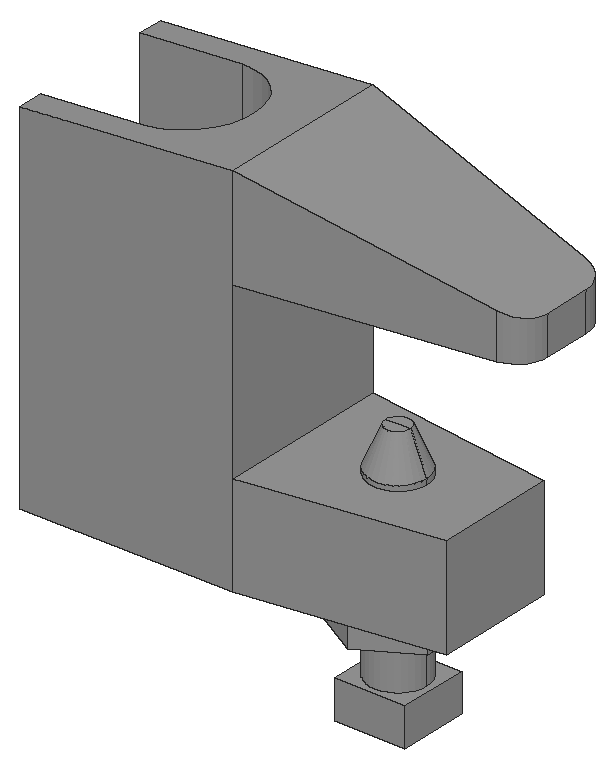
Revit family "beam clamp-c 7203-1-2", category Pipe Accessories, Revit 2018
Family settings
  Round Connector Dimension = Use Diameter
  Part Type = Normal
  Work Plane-Based = No
  Always vertical = Yes
  Cut with Voids When Loaded = No
  Shared = No
Parameters (values of type "FNW7203ZD -Zinc 1/2-13")
  Weight [instance] = "6.81oz"  # constant formula
  URL = "http://www.fnw.com"
  SSR = 0.125"  # constant formula
  SQH = 0.153"  # constant formula
  RD = 0.500"  # constant formula
  Product ID [instance] = ""
  Part Number [instance] = "FNW7203ZD"
  Material = Zinc
  F = 0.970"  # constant formula
  E = 0.440"  # constant formula
  Description BOM [instance] = "Jr. Beam Clamp Zinc 1/2-13"
  D = 0.750"  # constant formula
  C Half [instance] = C / 2  # 0.815"
  C = 1.630"  # constant formula
  B = 1.200"  # constant formula
  A = 2.060"  # constant formula
Types (2): name | Part Number | Material | Description BOM
  FNW7203PD -Plain 1/2-13 | "FNW7203PD" | Steel, Galvanized | "Jr. Beam Clamp Plain 1/2-13"
  FNW7203ZD -Zinc 1/2-13 | "FNW7203ZD" | Zinc | "Jr. Beam Clamp Zinc 1/2-13"
Reference planes (in)
  plane 1 "Center (Front/Back)": y = 0
  plane 2: z = 0
  plane 3 "Center (Left/Right)": x = 0
  plane 4: x = -0.97
  plane 5: x = 0.5425
  plane 6: z = 1.63
  plane 7: x = -1.33
  plane 8: x = -0.41125
  plane 9: z = 1.19
  plane 10: z = 0.44
  plane 11: z = 0.815
  plane 12: x = 0.73
  plane 13: y = 0.22
  plane 14: y = -0.22
  plane 15: y = 0.3798
  plane 16: y = -0.3798
Forms (in)
  Extrusion 1, solid, material "Zinc" <- "Material"
    sketch origin (0, 0, 0) x (1, 0, 0) y (0, 0, 1)
      loop
        line (-1.33, 1.63) -> (-1.33, 0) -> (0.42037, 0) -> (0.42037, 0.44) -> (-0.41125, 0.44) -> (-0.41125, 1.19) -> (0.73, 1.19) -> (0.73, 1.63) -> (-1.33, 1.63)
    from -0.3798 to 0.3798
  Extrusion 2, void
    sketch origin (0, 0, 0) x (1, 0, 0) y (0, 1, 0)
      loop
        line (0.73, 0.10257) -> (0.73, -0.10257)
        arc (0.73, -0.10257) -> (0.69686, -0.19118) -> (0.61371, -0.23628) r 0.13502
        line (0.61371, -0.23628) -> (-0.41125, -0.3798) -> (-0.41125, -0.6298) -> (0.85888, -0.6298) -> (0.85888, 0) -> (0.85888, 0.6298) -> (-0.41125, 0.6298) -> (-0.41125, 0.3798) -> (0.61371, 0.23628)
        arc (0.61371, 0.23628) -> (0.69686, 0.19118) -> (0.73, 0.10257) r 0.13502
    from 0 to 1.63
  Extrusion 3, void
    sketch origin (0, 0, 0) x (1, 0, 0) y (0, 1, 0)
      loop
        circle (-0.97, 0) r 0.25
    from 0 to 1.52432
  Extrusion 4, void
    sketch origin (0, 0, 0) x (1, 0, 0) y (0, 0, 1)
      loop
        line (0.78, 1.34567) -> (0.78, 1.8427) -> (-1.44803, 1.8427) -> (-1.44803, 1.54774) -> (-0.40659, 1.63) -> (0.78, 1.34567)
    from -0.3798 to 0.3798
  Extrusion 5, void
    sketch origin (0, 0, 0) x (1, 0, 0) y (0, 1, 0)
      loop
        line (-1.53107, 0.26687) -> (-1.53107, -0.26688) -> (-0.88733, -0.26688)
        arc (-0.88733, -0.26688) -> (-0.62045, 0) -> (-0.88733, 0.26687) r 0.26687
        line (-0.88733, 0.26687) -> (-1.53107, 0.26687)
    from 0.38716 to 1.81117
  Revolve 6, solid, material "Zinc" <- "Material"
    sketch origin (0, 0, 0) x (1, 0, 0) y (0, 0, 1)
      loop
        line (0, 0.6275) -> (-0.05343, 0.6275) -> (-0.125, 0.46075) -> (-0.125, -0.34209) -> (0, -0.34209) -> (0, 0.6275)
      axis (0, 0.6275) -> (0, -0.34209)
    angle from 0 to 360
  Extrusion 7, solid, material "Zinc" <- "Material"
    sketch origin (0, 0, 0) x (1, 0, 0) y (0, 1, 0)
      loop
        line (0.23551, 0.13597) -> (0, 0.27194) -> (-0.23551, 0.13597) -> (-0.23551, -0.13597) -> (0, -0.27194) -> (0.23551, -0.13597) -> (0.23551, 0.13597)
    from -0.12069 to 0
  Extrusion 8, solid, material "Zinc" <- "Material"
    sketch origin (0, 0, 0) x (1, 0, 0) y (0, 1, 0)
      loop
        line (-0.153, 0.153) -> (-0.153, -0.153) -> (0.153, -0.153) -> (0.153, 0.153) -> (-0.153, 0.153)
    from -0.50563 to -0.34209
Cuts and joins
  Extrusion 2, Extrusion 3, Extrusion 4, Extrusion 5 cuts Extrusion 1
Lines and regions (in)
  reference lines
    curve 1: line (-0.97, 0, 1.63) -> (-0.97, 0, 0)
    curve 2: line (-1.33, 0, 0) -> (0.5425, 0, 0)
Dimensions and locks (in)
  "F": plane 3 "Center (Left/Right)" to plane 4
  "C": plane 6 to plane 2
  plane 4 to plane 7 = 0.360"
  "D": plane 9 to plane 10
  "C Half": plane 11 to plane 2
  equal spacing: plane 9, plane 11, plane 10
  equal spacing: plane 14, plane 1 "Center (Front/Back)", plane 13
  "E": plane 14 to plane 13
  "SSR": plane 3 "Center (Left/Right)" to Revolve 6 sketch curve
  "SQH": plane 1 "Center (Front/Back)" to Extrusion 8 sketch curve  (x2)
  "SQH": plane 3 "Center (Left/Right)" to Extrusion 8 sketch curve
  "SQH": Extrusion 8 sketch curve to plane 3 "Center (Left/Right)"
  "A": plane 7 to plane 12
  "RD": diameter of Extrusion 3 sketch curve
  aligned and locked: plane 2 to level
  aligned and locked: plane 6 to Extrusion 1 sketch curve
  aligned and locked: Extrusion 1 sketch curve to plane 7
  aligned and locked: Extrusion 1 to plane 16
  aligned and locked: Extrusion 1 to plane 15
Automatic sketch dimensions
  plane 1 "Center (Front/Back)" to Extrusion 5 sketch curve = 0.000"
  Extrusion 5 sketch curve to plane 13 = 0.04687"
  plane 7 to Extrusion 5 sketch curve = 0.20107"
  plane 4 to Extrusion 5 sketch curve = 0.08267"
  curve 1 to level = 0.000"
  curve 1 to plane 4 = 0.000"
  curve 1 to plane 6 = 0.000"
  plane 1 "Center (Front/Back)" to curve 2 = 0.000"
  curve 2 to plane 7 = 0.000"
  curve 2 to plane 5 = 0.000"
  Extrusion 4 sketch curve to plane 6 = 0.000"
  plane 7 to Extrusion 4 sketch curve = 0.11803"
  Extrusion 4 sketch curve to plane 8 = 0.00466"
  Extrusion 4 sketch curve to plane 5 = 0.2375"
  plane 6 to Extrusion 4 sketch curve = 0.08226"
  Extrusion 4 sketch curve to plane 6 = 0.2127"
  plane 9 to Extrusion 4 sketch curve = 0.15567"
  plane 1 "Center (Front/Back)" to Extrusion 3 sketch curve = 0.000"
  Extrusion 3 sketch curve to plane 4 = 0.000"
  Revolve 6 sketch curve to plane 3 "Center (Left/Right)" = 0.000"  (x2)
  Revolve 6 sketch curve to Revolve 6 sketch curve = 0.05343"
  Revolve 6 sketch curve to level = 0.34209"
  plane 10 to Revolve 6 sketch curve = 0.02075"
  Revolve 6 sketch curve to Revolve 6 sketch curve = 0.16675"
  Revolve 6 sketch curve to Revolve 6 sketch curve = 1.02075"
  Revolve 6 sketch curve to Revolve 6 sketch curve = 0.0625"
  Extrusion 2 sketch curve to plane 8 = 0.000"  (x2)
  plane 1 "Center (Front/Back)" to Extrusion 2 sketch curve = 0.000"
  plane 16 to Extrusion 2 sketch curve = 0.000"
  plane 15 to Extrusion 2 sketch curve = 0.000"
  Extrusion 2 sketch curve to plane 5 = 0.05248"  (x2)
  Extrusion 2 sketch curve to plane 13 = 0.01628"
  Extrusion 2 sketch curve to plane 5 = 0.07121"
  plane 12 to Extrusion 2 sketch curve = 0.12888"
  Extrusion 2 sketch curve to plane 16 = 0.250"
  Extrusion 2 sketch curve to plane 15 = 0.250"
  Extrusion 2 sketch curve to plane 14 = 0.01628"
  Extrusion 2 sketch curve to plane 12 = 0.000"
  plane 1 "Center (Front/Back)" to Extrusion 2 sketch curve = 0.10257"
  plane 8 to Extrusion 1 sketch curve = 0.000"
  Extrusion 1 sketch curve to level = 0.000"
  Extrusion 1 sketch curve to plane 10 = 0.000"
  Extrusion 1 sketch curve to plane 12 = 0.000"
  Extrusion 1 sketch curve to plane 9 = 0.000"
  plane 5 to Extrusion 1 sketch curve = 0.12213"
